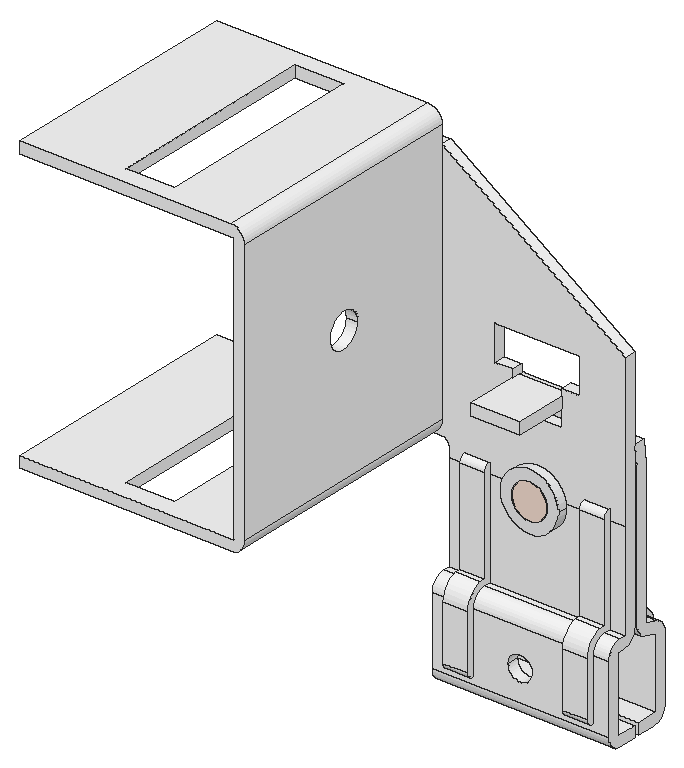
Revit family "cthanger_h20_right", category 機械設備, Revit 2022
Family settings
  丸型コネクタ寸法 = 直径を使用
  種別 = なし
  パーツ タイプ = 標準
  作業面ベース = いいえ
  常に垂直 = はい
  ロード時にボイドで切り取り = いいえ
  注釈の向きを維持 = いいえ
  共有 = いいえ
  部屋計算ポイント = いいえ
Parameters
  製造元 = "株式会社桐井製作所"
  既定の高さ = 0 mm
  URL = "https://www.kirii.co.jp/"
  K_材質 = "溶融亜鉛めっき鋼板及び鋼帯 SGCC 一般用"
  K_品名 = "CTハンガーH＝20アキ右"
  K_名称 = "CTハンガー"
  K_入数 = "200"
  K_備考 = "対象Tバー：eT4025、eAT4025"
  K_バージョン情報 = "20220915"
  K_めっき付着量 = "Z12"
  K_JIS規格 = "JIS G 3302"
Reference planes
  plane 1 "中心(正面/背面)": y = 0
  plane 2: z = 0
  plane 3 "中心(左/右)": x = 0
Forms (mm)
  Extrusion 1, solid, material "05吊り材"
    sketch origin (0, -1.2, 0) x (0, -1, 0) y (0, 0, 1)
      loop
        line (1.8, -3.544) -> (1.8, -14.044) -> (-1.2, -14.044) -> (-1.2, -15.644) -> (1.4, -15.644)
        arc (1.4, -15.644) -> (2.814, -15.058) -> (3.4, -13.644) r 2
        line (3.4, -13.644) -> (3.4, -3.944)
        arc (3.4, -3.944) -> (2.814, -2.53) -> (1.4, -1.944) r 2
        line (1.4, -1.944) -> (0.4, -1.944) -> (0.4, 11.856) -> (0.4, 51.456) -> (-1.2, 51.456) -> (-1.2, -1.544)
        arc (-1.2, -1.544) -> (-0.614, -2.958) -> (0.8, -3.544) r 2
        line (0.8, -3.544) -> (1.8, -3.544)
    from -12.5 to 15.1
  Extrusion 2, solid, material "アルミニウム"
    sketch origin (0, -1.2, 4.922) x (-1, 0, 0) y (0, 0, 1)
      loop
        circle (0, 6.436) r 4.1
      loop
        circle (0, 6.436) r 2.499
    from -1.8 to 0
  Extrusion 3, solid, material "05吊り材"
    sketch origin (16, -1.2, 0) x (0, -1, 0) y (0, 0, 1)
      loop
        arc (1.3, 12.456) -> (1.036, 13.093) -> (0.4, 13.356) r 0.9
        line (0.4, 13.356) -> (0.4, -1.944) -> (1.4, -1.944)
        arc (1.4, -1.944) -> (2.814, -2.53) -> (3.4, -3.944) r 2
        line (3.4, -3.944) -> (3.4, -12.644)
        arc (3.4, -12.644) -> (4.036, -12.38) -> (4.3, -11.744) r 0.9
        line (4.3, -11.744) -> (4.3, -3.944)
        arc (4.3, -3.944) -> (3.685, -2.14) -> (2.095, -1.087) r 2.953
        line (2.095, -1.087) -> (1.3, -1.087) -> (1.3, 12.456)
      loop
        line (-4, -1.245) -> (-5.318, -1.633)
        arc (-5.318, -1.633) -> (-6.822, -2.678) -> (-7.4, -4.415) r 2.9
        line (-7.4, -4.415) -> (-7.4, -11.844)
        arc (-7.4, -11.844) -> (-7.166, -12.409) -> (-6.6, -12.644) r 0.8
        line (-6.6, -12.644) -> (-6.6, -4.415)
        arc (-6.6, -4.415) -> (-6.181, -3.157) -> (-5.093, -2.4) r 2.1
        line (-5.093, -2.4) -> (-3.2, -1.844) -> (-3.2, 14.356)
        arc (-3.2, 14.356) -> (-3.766, 14.122) -> (-4, 13.556) r 0.8
        line (-4, 13.556) -> (-4, -1.245)
    from 5.75 to 9.25
  Extrusion 4, void
    sketch origin (0, -1.2, 0) x (-1, 0, 0) y (0, 0, 1)
      loop
        line (-6, 31.356) -> (-6, 26.343) -> (-3.5, 26.343) -> (-3.5, 21.356) -> (3.5, 21.356) -> (3.5, 26.343) -> (6, 26.343) -> (6, 31.356) -> (-6, 31.356)
    from -0.4 to 1.2
  Extrusion 5, void
    sketch origin (0.011, -1.2, 4.995) x (-1, 0, 0) y (0, 0, 1)
      loop
        circle (0, 6.373) r 2.5
    from -1.3 to 3.2
  Extrusion 6, void
    sketch origin (0, 0.4, 0) x (1, 0, 0) y (0, 0, 1)
      loop
        line (-13.5, 51.456) -> (12.5, 33.456) -> (12.5, 51.456) -> (-13.5, 51.456)
    from 0.4 to 2
  Extrusion 7, void
    sketch origin (0, 0.4, 0) x (1, 0, 0) y (0, 0, 1)
      loop
        line (-13.5, 14.387) -> (-15.1, 14.387) -> (-15.1, -15.644) -> (-12.5, -15.644) -> (-12.5, 13.387)
        arc (-12.5, 13.387) -> (-12.793, 14.095) -> (-13.5, 14.387) r 1
    from -1.2 to 6.3
  Extrusion 8, void
    sketch origin (0, 42.1, 50.967) x (1, 0, 0) y (0, 0, 1)
      loop
        line (-3.5, -25.623) -> (-12.5, -25.623) -> (-12.5, -29.342) -> (-3.5, -29.342) -> (-3.5, -25.623)
      loop
        line (12.5, -25.623) -> (3.5, -25.623) -> (3.5, -29.342) -> (12.5, -29.342) -> (12.5, -25.623)
    from 40.1 to 51.6
  Extrusion 9, solid, material "05吊り材"
    sketch origin (0, -1.2, 0) x (0, -1, 0) y (0, 0, 1)
      loop
        line (-5, -4.041) -> (-3.107, -3.484)
        arc (-3.107, -3.484) -> (-2.019, -2.728) -> (-1.6, -1.47) r 2.1
        line (-1.6, -1.47) -> (-1.6, 18.356) -> (-1.1, 23.256)
        arc (-1.1, 23.256) -> (-0.954, 23.61) -> (-0.6, 23.756) r 0.5
        line (-0.6, 23.756) -> (7.9, 23.756) -> (7.9, 25.343) -> (-0.6, 25.343)
        arc (-0.6, 25.343) -> (-1.932, 24.867) -> (-2.659, 23.655) r 2.1
        line (-2.659, 23.655) -> (-3.2, 18.356) -> (-3.2, -1.844) -> (-5.093, -2.4)
        arc (-5.093, -2.4) -> (-6.181, -3.157) -> (-6.6, -4.415) r 2.1
        line (-6.6, -4.415) -> (-6.6, -13.544)
        arc (-6.6, -13.544) -> (-5.985, -15.029) -> (-4.5, -15.644) r 2.1
        line (-4.5, -15.644) -> (-2, -15.644) -> (-2, -14.044) -> (-5, -14.044) -> (-5, -4.041)
    from -12.5 to 12.5
  Extrusion 10, solid, material "05吊り材"
    sketch origin (-1, -1.2, 0) x (0, -1, 0) y (0, 0, 1)
      loop
        arc (1.3, 12.456) -> (1.036, 13.093) -> (0.4, 13.356) r 0.9
        line (0.4, 13.356) -> (0.4, -1.944) -> (1.4, -1.944)
        arc (1.4, -1.944) -> (2.814, -2.53) -> (3.4, -3.944) r 2
        line (3.4, -3.944) -> (3.4, -12.644)
        arc (3.4, -12.644) -> (4.036, -12.38) -> (4.3, -11.744) r 0.9
        line (4.3, -11.744) -> (4.3, -3.944)
        arc (4.3, -3.944) -> (3.685, -2.14) -> (2.095, -1.087) r 2.953
        line (2.095, -1.087) -> (1.3, -1.087) -> (1.3, 12.456)
      loop
        line (-4, -1.245) -> (-5.318, -1.633)
        arc (-5.318, -1.633) -> (-6.822, -2.678) -> (-7.4, -4.415) r 2.9
        line (-7.4, -4.415) -> (-7.4, -11.844)
        arc (-7.4, -11.844) -> (-7.166, -12.409) -> (-6.6, -12.644) r 0.8
        line (-6.6, -12.644) -> (-6.6, -4.415)
        arc (-6.6, -4.415) -> (-6.181, -3.157) -> (-5.093, -2.4) r 2.1
        line (-5.093, -2.4) -> (-3.2, -1.844) -> (-3.2, 14.356)
        arc (-3.2, 14.356) -> (-3.766, 14.122) -> (-4, 13.556) r 0.8
        line (-4, 13.556) -> (-4, -1.245)
    from 5.75 to 9.25
  Extrusion 11, solid, material "05吊り材"
    sketch origin (16, -1.2, 0) x (0, -1, 0) y (0, 0, 1)
      loop
        arc (1.3, 12.456) -> (1.036, 13.093) -> (0.4, 13.356) r 0.9
        line (0.4, 13.356) -> (0.4, -1.944) -> (1.4, -1.944)
        arc (1.4, -1.944) -> (2.814, -2.53) -> (3.4, -3.944) r 2
        line (3.4, -3.944) -> (3.4, -12.644)
        arc (3.4, -12.644) -> (4.036, -12.38) -> (4.3, -11.744) r 0.9
        line (4.3, -11.744) -> (4.3, -3.944)
        arc (4.3, -3.944) -> (3.685, -2.14) -> (2.095, -1.087) r 2.953
        line (2.095, -1.087) -> (1.3, -1.087) -> (1.3, 12.456)
      loop
        line (-4, -1.245) -> (-5.318, -1.633)
        arc (-5.318, -1.633) -> (-6.822, -2.678) -> (-7.4, -4.415) r 2.9
        line (-7.4, -4.415) -> (-7.4, -11.844)
        arc (-7.4, -11.844) -> (-7.166, -12.409) -> (-6.6, -12.644) r 0.8
        line (-6.6, -12.644) -> (-6.6, -4.415)
        arc (-6.6, -4.415) -> (-6.181, -3.157) -> (-5.093, -2.4) r 2.1
        line (-5.093, -2.4) -> (-3.2, -1.844) -> (-3.2, 14.356)
        arc (-3.2, 14.356) -> (-3.766, 14.122) -> (-4, 13.556) r 0.8
        line (-4, 13.556) -> (-4, -1.245)
    from 5.75 to 9.25
  Extrusion 12, solid, material "05吊り材"
    sketch origin (0, -1.6, -0.469) x (1, 0, 0) y (0, 0, 1)
      loop
        line (-45.5, 56.456) -> (-45.5, 54.856) -> (-15.1, 54.856) -> (-15.1, 16.456) -> (-45.5, 16.456) -> (-45.5, 14.856) -> (-15.1, 14.856)
        arc (-15.1, 14.856) -> (-13.949, 15.576) -> (-13.5, 16.856) r 2.05
        line (-13.5, 16.856) -> (-13.5, 54.456)
        arc (-13.5, 54.456) -> (-14.086, 55.87) -> (-15.5, 56.456) r 2
        line (-15.5, 56.456) -> (-45.5, 56.456)
    from 0 to 35
  Extrusion 13, void
    sketch origin (0, -1.6, 0) x (0, 1, 0) y (0, 0, 1)
      loop
        circle (-17.5, 35.456) r 2.5
    from -15.1 to -13.5
  Extrusion 14, void
    sketch origin (0, -1.6, -40) x (1, 0, 0) y (0, 1, 0)
      loop
        line (-32.5, -2.5) -> (-32.5, -32.5) -> (-25.5, -32.5) -> (-25.5, -2.5) -> (-32.5, -2.5)
    from 54.387 to 55.987
  Extrusion 15, void
    sketch origin (0, -1.6, 0) x (1, 0, 0) y (0, 1, 0)
      loop
        line (-32.5, -2.5) -> (-32.5, -32.5) -> (-25.5, -32.5) -> (-25.5, -2.5) -> (-32.5, -2.5)
    from 54.387 to 55.987
  Extrusion 16, void
    sketch origin (0, 0, -4.375) x (1, 0, 0) y (0, 0, 1)
      loop
        circle (0, -4.769) r 1.75
    from 3 to 4.6
  Extrusion 17, void
    sketch origin (0, 8.4, -4.375) x (1, 0, 0) y (0, 0, 1)
      loop
        circle (0, -4.769) r 1.75
    from 3 to 4.6
Cuts and joins
  Extrusion 4, Extrusion 5, Extrusion 6, Extrusion 7, Extrusion 16, Extrusion 17 cuts Extrusion 1
  Extrusion 13, Extrusion 14, Extrusion 15, Extrusion 16, Extrusion 17 cuts Extrusion 12
  joined: Extrusion 1, Extrusion 12
  Extrusion 5, Extrusion 8, Extrusion 17 cuts Extrusion 9
  joined: Extrusion 3, Extrusion 9, Extrusion 10, Extrusion 11
Dimensions and locks
  aligned and locked: level to plane 2
Nested families
  nested 1: "直吊りハンガー用ビス" at (0, 2, 11.334) x (-1, 0, 0) z (0, 0, 1), type "直吊りハンガー用ビス"
Definition of nested family "直吊りハンガー用ビス"
  Parameters (values of type "直吊りハンガー用ビス")
    Manufacturer = "株式会社桐井製作所"
    Default Elevation = 0 mm
    URL = "https://www.kirii.co.jp/"
    K_名称 = "M6×25ボルト"
  Reference planes
    plane 1 "中心(正面/背面)": y = 0
    plane 2: z = 0
    plane 3 "中心(左/右)": x = 0
    plane 4 "正面": y = -5
  Forms (mm)
    Extrusion 1, solid
      sketch origin (0, 0, 0.234) x (1, 0, 0) y (0, 0, 1)
        loop
          circle (-0.011, -0.2) r 2.5
      from 0 to -5
    Revolve 2, solid
      sketch origin (0, 0, 0) x (0, 1, 0) y (0, 0, 1)
        loop
          line (0, 0) -> (-2.299, 0) -> (-2.299, -1.966)
          arc (-2.299, -1.966) -> (-1.904, -2.921) -> (-0.949, -3.316) r 1.35
          line (-0.949, -3.316) -> (0, -3.316) -> (0, 0)
        axis (0, 0) -> (-2.299, 0)
      angle from 0 to 360
  Cuts and joins
    joined: Extrusion 1, Revolve 2
  Dimensions and locks
    aligned and locked: level to plane 2
